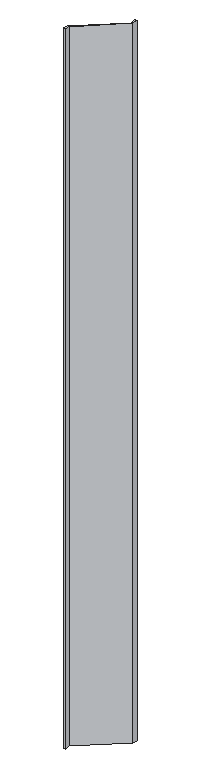
Revit family "WLV_A3-Louvre-Blade", category Specialty Equipment, Revit 2016
Family settings
  Part Type = Normal
  Round Connector Dimension = Use Diameter
  Work Plane-Based = No
  Always vertical = Yes
  Cut with Voids When Loaded = No
  Shared = No
  Room Calculation Point = No
Parameters (values of type "Louvre Blade")
  Blade height = 2781 mm
  Assembly Code = ""
Types (7, lengths in mm): name | Blade height
  Louvre Blade | 2781
  Louvre Blade 6 | 3125
  Louvre Blade 5 | 2850
  Louvre Blade 4 | 2225
  Louvre Blade 3 | 2850
  Louvre Blade 2 | 3400
  Louvre Blade 1 | 2850
Reference planes
  plane 1 "Center (Front/Back)": y = 0
  plane 2: z = 0
  plane 3 "Center (Left/Right)": x = 0
  plane 4: z = 703.368
Forms (mm)
  Extrusion 1, solid
    sketch origin (0, 0, 0) x (1, 0, 0) y (0, 1, 0)
      loop
        line (-71.014, -71.014) -> (81.014, 81.014) -> (81.014, 102.05) -> (76.014, 102.05) -> (76.014, 83.085) -> (-76.014, -68.943) -> (-76.014, -89.978) -> (-71.014, -89.978) -> (-71.014, -71.014)
    from 0 to 2781
Dimensions and locks
  "Blade height": Extrusion 1 to level
  aligned and locked: level to plane 2
Automatic sketch dimensions
  Extrusion 1 sketch curve to plane 3 "Center (Left/Right)" = 76.014 mm
  Extrusion 1 sketch curve to Extrusion 1 sketch curve = 5 mm  (x2)
  plane 3 "Center (Left/Right)" to Extrusion 1 sketch curve = 76.014 mm
  plane 1 "Center (Front/Back)" to Extrusion 1 sketch curve = 89.978 mm
  Extrusion 1 sketch curve to Extrusion 1 sketch curve = 18.964 mm  (x2)
  Extrusion 1 sketch curve to Extrusion 1 sketch curve = 2.071 mm  (x2)
  Extrusion 1 sketch curve to plane 1 "Center (Front/Back)" = 81.014 mm
